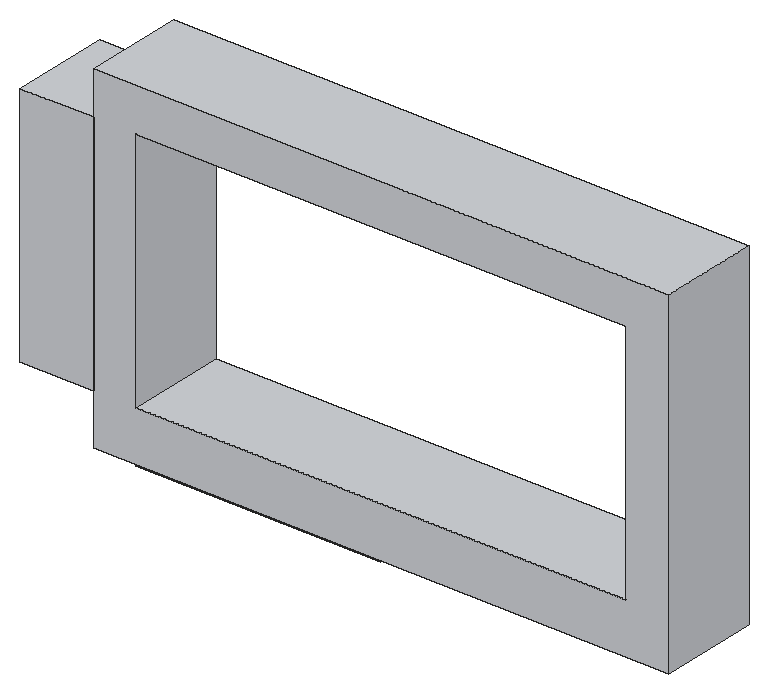
Revit family "Регулирующая заслонка с периметральным обогревом Sn", category Оборудование, Revit 2022
Family settings
  Размер круглого соединителя = Использовать диаметр
  Тип детали = Нормальный
  На основе рабочей плоскости = Нет
  Всегда вертикально = Нет
  При загрузке вырезать с полостями = Нет
  Сохранять ориентацию аннотаций = Нет
  Общий = Нет
  Точка принадлежности помещению = Нет
Parameters (values of type "Sn 60-30")
  высота = 63 mm
  Ширина Г = 704 mm
  Отметка по умолчанию = 0 mm
  Изготовитель = "WAER"  # constant formula
  Keynote = ""
  Длина А = 794 mm
  Высота Б = 417 mm
  URL = "https://waer-air.com/"
  ADSK_Ток = 0.41 A
  ADSK_Система_Имя [instance] = ""
  ADSK_Расход воздуха = 0.0 m³/s
  ADSK_Размер_Ширина = 600 mm
  ADSK_Размер_Высота = 300 mm
  ADSK_Потеря давления воздуха = 0.0 Pa
  ADSK_Полная мощность = ADSK_Напряжение * ADSK_Ток  # 90.2 VA
  ADSK_Номинальная мощность = 90 W
  ADSK_Напряжение = 220 V
  ADSK_Наименование краткое = "Sn 60-30"
  ADSK_Наименование = "Регулирующая заслонка с периметральным обогревом Sn 60-30"
  ADSK_Масса_Текст = "8.25"
  ADSK_Масса = 8.25
  ADSK_Марка = ""
  ADSK_Количество фаз = 1
  ADSK_Количество = 1  # constant formula
  ADSK_Код изделия = ""
  ADSK_Классификация нагрузок = ОВК
  ADSK_Завод-изготовитель = "WAER"  # constant formula
  ADSK_Единица измерения = "шт."  # constant formula
Types (9, lengths in mm): name | высота | Ширина Г | Длина А | Высота Б | ADSK_Ток | ADSK_Размер_Ширина | ADSK_Размер_Высота | ADSK_Полная мощность | ADSK_Номинальная мощность | ADSK_Наименование краткое | ADSK_Наименование | ADSK_Масса_Текст | ADSK_Масса
  Sn 40-20 | 53 | 504 | 594 | 406 | 0.28 A | 400 | 200 | 61.6 VA | 60 W | "Sn 40-20" | "Регулирующая заслонка с периметральным обогревом Sn 40-20" | "5.4" | 5.4
  Sn 50-25 | 53 | 604 | 694 | 446 | 0.32 A | 500 | 250 | 70.4 VA | 70 W | "Sn 50-25" | "Регулирующая заслонка с периметральным обогревом Sn 50-25" | "6.3" | 6.3
  Sn 50-30 | 63 | 604 | 694 | 417 | 0.37 A | 500 | 300 | 81.4 VA | 80 W | "Sn 50-30" | "Регулирующая заслонка с периметральным обогревом Sn 50-30" | "7.5" | 7.5
  Sn 60-30 | 63 | 704 | 794 | 417 | 0.41 A | 600 | 300 | 90.2 VA | 90 W | "Sn 60-30" | "Регулирующая заслонка с периметральным обогревом Sn 60-30" | "8.25" | 8.25
  Sn 60-35 | 52 | 704 | 794 | 456 | 0.41 A | 600 | 350 | 90.2 VA | 90 W | "Sn 60-35" | "Регулирующая заслонка с периметральным обогревом Sn 60-35" | "8.4" | 8.4
  Sn 70-40 | 64 | 804 | 894 | 518 | 0.46 A | 700 | 400 | 101.2 VA | 100 W | "Sn 70-40" | "Регулирующая заслонка с периметральным обогревом Sn 70-40" | "10.65" | 10.65
  Sn 80-50 | 64 | 904 | 994 | 618 | 0.55 A | 800 | 500 | 121 VA | 120 W | "Sn 80-50" | "Регулирующая заслонка с периметральным обогревом Sn 80-50" | "13.65" | 13.65
  Sn 90-50 | 64 | 1004 | 1094 | 618 | 0.6 A | 900 | 500 | 132 VA | 130 W | "Sn 90-50" | "Регулирующая заслонка с периметральным обогревом Sn 90-50" | "15" | 15
  Sn 100-50 | 64 | 1104 | 1194 | 618 | 0.64 A | 1000 | 500 | 140.8 VA | 140 W | "Sn 100-50" | "Регулирующая заслонка с периметральным обогревом Sn 100-50" | "15.9" | 15.9
Reference planes
  plane 1 "По центру (Вперед/Назад)": y = 0
  plane 2: z = 0
  plane 3 "По центру (Влево/Вправо)": x = 0
  plane 4: y = 61
  plane 5: y = -61
  plane 6: z = 150
  plane 7: z = -150
  plane 8: x = -300
  plane 9: x = 300
  plane 10: x = 352
  plane 11: x = -352
  plane 12: z = 203
  plane 13: z = -214
  plane 14: z = -213
  plane 15: x = -442
Forms (mm)
  Extrusion 1, solid
    sketch origin (0, 0, 0) x (1, 0, 0) y (0, 0, 1)
      loop
        line (-300, 150) -> (-300, -150) -> (300, -150) -> (300, 150) -> (-300, 150)
      loop
        line (-352, 203) -> (-352, -213) -> (352, -213) -> (352, 203) -> (-352, 203)
    from -61 to 61
  Extrusion 2, solid
    sketch origin (0, 0, 0) x (1, 0, 0) y (0, 0, 1)
      loop
        line (-442, 150) -> (-442, -150) -> (-352, -150) -> (-352, 150) -> (-442, 150)
    from -61 to 61
  Extrusion 3, solid
    sketch origin (0, 0, 0) x (1, 0, 0) y (0, 0, 1)
      loop
        line (-300, -213) -> (-300, -214) -> (0, -214) -> (0, -213) -> (-300, -213)
    from -61 to 61
Dimensions and locks
  equal spacing: plane 4, plane 1 "По центру (Вперед/Назад)", plane 5
  locked: plane 4 to plane 5 at 122
  equal spacing: plane 9, plane 3 "По центру (Влево/Вправо)", plane 8
  equal spacing: plane 6, plane 2, plane 7
  "ADSK_Размер_Ширина": plane 9 to plane 8
  "ADSK_Размер_Высота": plane 6 to plane 7
  equal spacing: plane 10, plane 3 "По центру (Влево/Вправо)", plane 11
  "Ширина Г": plane 10 to plane 11
  "Высота Б": plane 12 to plane 13
  locked: plane 12 to plane 6 at 53
  "высота": plane 7 to plane 14
  "Длина А": plane 10 to plane 15
  aligned and locked: level to plane 2
  aligned and locked: Extrusion 1 sketch curve to plane 6
  aligned and locked: plane 8 to Extrusion 1 sketch curve
  aligned and locked: plane 7 to Extrusion 1 sketch curve
  aligned and locked: Extrusion 1 sketch curve to plane 9
  aligned and locked: Extrusion 1 sketch curve to plane 12
  aligned and locked: plane 11 to Extrusion 1 sketch curve
  aligned and locked: plane 14 to Extrusion 1 sketch curve
  aligned and locked: Extrusion 1 sketch curve to plane 10
  aligned and locked: plane 4 to Extrusion 1
  aligned and locked: Extrusion 1 to plane 5
  aligned and locked: Extrusion 2 sketch curve to plane 6
  aligned and locked: plane 15 to Extrusion 2 sketch curve
  aligned and locked: plane 7 to Extrusion 2 sketch curve
  aligned and locked: Extrusion 2 sketch curve to plane 11
  aligned and locked: plane 4 to Extrusion 2
  aligned and locked: Extrusion 2 to plane 5
  aligned and locked: Extrusion 3 sketch curve to plane 14
  aligned and locked: plane 8 to Extrusion 3 sketch curve
  aligned and locked: plane 13 to Extrusion 3 sketch curve
  aligned and locked: Extrusion 3 sketch curve to plane 3 "По центру (Влево/Вправо)"
  aligned and locked: plane 4 to Extrusion 3
  aligned and locked: Extrusion 3 to plane 5
Connectors
  electrical at (-442, 0, 0)
    settings: on Extrusion 2, index 1, voltage 0 V, apparent load 0 VA, apparent load phase1 0 VA, apparent load phase2 0 VA, apparent load phase3 0 VA, power factor 1, load classification "Прочее", number of poles 1, system type 31, power factor state 1, is connector primary yes, connector utility no, sub classification motor no, connector description ""
  hvac at (0, -61, 0), driven by "ADSK_Размер_Высота", driven by "ADSK_Размер_Ширина"
    settings: on Extrusion 1, index 2, duct flow 0.0 m³/s, flow factor 0, pres drop 0.0 Pa, loss coef 0, conn angle 0.00°, conn width 600 mm, conn height 300 mm, conn diameter 609.6 mm, duct sys type 29, conn prof type 1, flow config 0, flow direction 0, loss method 0, conn ref index 3, conn util no, is conn primary yes, conn desc ""
  hvac at (0, 61, 0), driven by "ADSK_Размер_Высота", driven by "ADSK_Размер_Ширина"
    settings: on Extrusion 1, index 3, duct flow 0.0 m³/s, flow factor 0, pres drop 0.0 Pa, loss coef 0, conn angle 0.00°, conn width 600 mm, conn height 300 mm, conn diameter 609.6 mm, duct sys type 29, conn prof type 1, flow config 0, flow direction 0, loss method 0, conn ref index 2, conn util no, is conn primary no, conn desc ""
